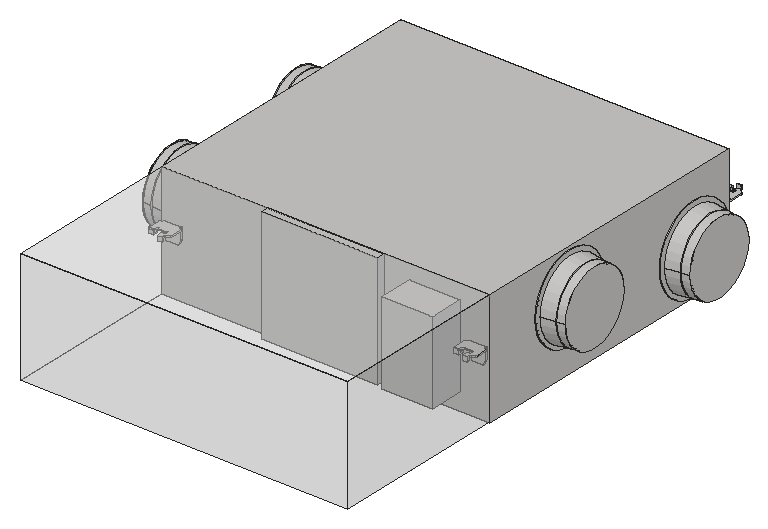
Revit family "outputfile", category 機械設備, Revit 2024
Family settings
  丸型コネクタ寸法 = 半径を使用
  パーツ タイプ = 標準
  OmniClass 番号 = 23.75.10.34.21
  OmniClass タイトル = Heat Exchangers for Ventilation Air
  作業面ベース = いいえ
  常に垂直 = はい
  ロード時にボイドで切り取り = いいえ
  注釈の向きを維持 = いいえ
  共有 = いいえ
  部屋計算ポイント = はい
Parameters (values of type "VAM1000HVE")
  Description = ""
  製造元 = "Daikin"
  書き出し IFC クラス(タイプ) = "IfcAirToAirHeatRecoveryType"
  定義済み IFC タイプ(タイプ) = "ROTARYWHEEL"
  Cost = 0
  モデル = "VAM1000HVE"
  Type Comments = ""
  Keynote = ""
  Type Image = (empty or 0)
  Assembly Code = ""
  w_maintenacecover = 395.0 mm
  r3_airconnection_top = 123.0 mm
  r2_airconnection_top = 123.0 mm
  r1_airconnection_top = 125.0 mm
  r1_airconnection_bottom = 131.5 mm
  r0_airconnection = 146.0 mm
  lw_powersuply = 186.0 mm
  Voltage_comment_60Hz = "220-240"
  Voltage_comment_50Hz = "220-240"
  Voltage_60Hz = 220 V
  Voltage_50Hz = 220 V
  URL = ""
  Phase_60Hz = 1
  Phase_50Hz = 1
  Minimum External Static Pressure = 115.00 Pa
  Minimum Circuit Amps_60Hz = 5.05 A
  Minimum Circuit Amps_50Hz = 5.05 A
  Maximum Fuse Amps_60Hz = 15.0 A
  Maximum Fuse Amps_50Hz = 15.0 A
  Maximum External Static Pressure = 225.00 Pa
  Material_Casing = DAIKIN_GalvanizedSteel_Casing_indoorunit
  lw_mountinghole_Left = 517.0 mm
  lw_mountinghole = 1034.0 mm
  w_controlbox_right = 101.0 mm
  w_controlbox = 170.0 mm
  r_SAduct = SA Duct Size Diameter / 2  # 125.0 mm
  r_RAduct = RA Duct Size Diameter / 2  # 125.0 mm
  r_OAduct = OA Duct Size Diameter / 2  # 125.0 mm
  r_EAduct = EA Duct Size Diameter / 2  # 125.0 mm
  lh_powersuply = 198.5 mm
  lh_mounting = lh_mountinghole + [h***]  # 227.0 mm
  h_controlbox_top = 49.0 mm
  lh_antena = Height - lh_mountinghole + 1.0 mm  # 161.0 mm
  lh_SA = 235.0 mm
  lh_RA = 153.0 mm
  lh_OA = 235.0 mm
  lh_EA = 235.0 mm
  ld_SA = 333.0 mm
  ld_RA = 152.0 mm
  ld_OA = 152.0 mm
  ld_EA = 333.0 mm
  lh_mountinghole = 227.0 mm
  h_controlbox = 279.0 mm
  h*** = 0.0 mm  # constant formula
  d_total_airconnection = d1_airconnection + d2_airconnection + d3_airconnection  # 89.0 mm
  d_maintenacecover = 26.0 mm
  ld_mountinghole = 1112.0 mm
  d_controlbox = 117.0 mm
  d3_airconnection = 1.0 mm
  d2_airconnection = 30.0 mm
  d1_airconnection = 58.0 mm
  d0_airconnection = 6.5 mm
  Width = 1110.0 mm
  Version = "ver.1.0"
  Unit Type = "Heat Recovery Ventilator"
  Unit Mass Weight = 63.00 kg
  Unit Designation [instance] = ""
  Uniclass2015Version = "Products v1.30"
  Uniclass2015Title = "Thermal wheels"
  Uniclass2015Code = "Pr_60_60_36_88"
  Temperature exchange efficiency (Heating) = 74.00%
  Temperature exchange efficiency (Cooling) = 58.00%
  Supply Air Direction [instance] = yes
  Sound Pressure Level_M speed (dBA) = 40
  Sound Pressure Level_L speed (dBA) = 38
  Sound Pressure Level_H speed (dBA) = 42
  Series = "VRV Fan Coil Unit"
  SA Duct Size Diameter = 250.0 mm
  Refrigerant Type = ""
  RA Duct Size Diameter = 250.0 mm
  Option Accessory 3 [instance] = ""
  Option Accessory 2 [instance] = ""
  Option Accessory 1 [instance] = ""
  OA Duct Size Diameter = 250.0 mm
  Nominal Airflow = 1000.00 m³/h
  Minimum Airflow = 300.00 m³/h
  Median Airflow = 0.00 m³/h
  Maximum Airflow = 1400.00 m³/h
  Load Classification = HVAC
  Link_Nested Family [instance] = ""
  IfcVersion = "0"
  IfcExportType = "ROTARYWHEEL"
  IfcExportAs = "IfcAirToAirHeatRecoveryType"
  Height = 387.0 mm
  Heating Entering Wet Bulb Temperature [instance] = 0.00 °C
  Heating Entering Dry Bulb Temperature [instance] = 0.00 °C
  Heating Ambient Wet Bulb Temperature [instance] = 0.00 °C
  Heating Ambient Dry Bulb Temperature [instance] = 0.00 °C
  Frequency_60Hz = 60 Hz
  Frequency_50Hz = 50 Hz
  Fan Type = "Sirocco Fan"
  Fan Drive = "Direct Drive"
  FCU Tag No. [instance] = ""
  Enthalpy exchange efficiency (Heating) = 68.50%
  Enthalpy exchange efficiency (Cooling) = 60.00%
  EA Duct Size Diameter = 250.0 mm
  Design Supply Airflow [instance] = 0.00 m³/h
  Design Return Airflow [instance] = 0.00 m³/h
  Design Outdoor Airflow [instance] = 0.00 m³/h
  Design External Static Pressure [instance] = 0.00 Pa
  Design Exhaust Airflow [instance] = 0.00 m³/h
  Depth = 1012.0 mm
  既定の高さ = 0.0 mm
  Cooling Entering Wet Bulb Temperature [instance] = 0.00 °C
  Cooling Entering Dry Bulb Temperature [instance] = 0.00 °C
  Cooling Ambient Wet Bulb Temperature [instance] = 0.00 °C
  Cooling Ambient Dry Bulb Temperature [instance] = 0.00 °C
  Clearance visibility [instance] = yes
  Clearance Top = 0.0 mm
  Clearance Right = 0.0 mm
  Clearance Rear = 0.0 mm
  Clearance Left = 0.0 mm
  Clearance Front = 600.0 mm
  Clearance Bottom = 0.0 mm
Reference planes
  plane 1 "Center (Front/Back)": y = 0
  plane 2: z = 0
  plane 3 "Center (Left/Right)": x = 0
  plane 4 "Back": y = 506
  plane 5 "Front": y = -506
  plane 6 "Left": x = -555
  plane 7 "Right": x = 555
  plane 8 "Top": z = 0
  plane 9 "mountinghole_Left": x = -517
  plane 10 "mountinghole_Right": x = 517
  plane 11 "mountinghole_Back": y = 556
  plane 12 "mountinghole_Front": y = -556
  plane 13 "Center (Elevation)": z = -193.5
  plane 14 "h_mountinghole": z = -160
  plane 15 "w_maintenacecover_left": x = -197.5
  plane 16 "w_maintenacecover_right": x = 197.5
  plane 17 "Clearance Front": y = -1106
  plane 18 "Clearance Left": x = -555
  plane 19 "Clearance Right": x = 555
  plane 20 "Clearance Rear": y = 506
  plane 21 "Clearance Top": z = 0
  plane 22 "Clearance Bottom": z = -387
  plane 23 "d_maintenacecover": y = -532
  plane 24 "d_controlbox": y = -623
  plane 25 "w_controlbox_left": x = 284
  plane 26 "w_controlbox_right": x = 454
  plane 27 "Bottom": z = -387
  plane 28 "h_controlbox_top": z = -49
  plane 29 "h_controlbox_bottom": z = -328
  plane 30 "lh_OA": z = -152
  plane 31 "lh_EA": z = -152
  plane 32 "lh_SA": z = -152
  plane 33 "lh_RA": z = -234
  plane 34 "ld_EA": y = 173
  plane 35 "ld_OA": y = -354
  plane 36 "ld_RA": y = 354
  plane 37 "ld_SA": y = -173
  plane 38 "lw_powersuply": x = 369
  plane 39: z = 59.955
  plane 40 "lh_powersuply": z = -188.5
Forms (mm)
  Extrusion 1, solid, material "DAIKIN_GalvanizedSteel_Casing_indoorunit" <- "Material_Casing"
    sketch origin (0, 0, 200) x (1, 0, 0) y (0, 1, 0)
      loop
        line (-555, 506) -> (-555, -506) -> (555, -506) -> (555, 506) -> (-555, 506)
    from -587 to -200
  Extrusion 2, solid, material "DAIKIN_GalvanizedSteel_Casing_indoorunit" <- "Material_Casing"
    sketch origin (0, 0, 0) x (1, 0, 0) y (0, 1, 0)
      loop
        line (-197.5, -506) -> (-197.5, -532) -> (197.5, -532) -> (197.5, -506) -> (-197.5, -506)
    from -387 to 0
  Extrusion 3, solid, material "DAIKIN_GalvanizedSteel_Casing_indoorunit" <- "Material_Casing"
    sketch origin (0, 0, 0) x (1, 0, 0) y (0, 1, 0)
      loop
        line (284, -506) -> (284, -623) -> (454, -623) -> (454, -506) -> (284, -506)
    from -328 to -49
Dimensions and locks
  equal spacing: plane 6 "Left", plane 3 "Center (Left/Right)", plane 7 "Right"
  "Width": plane 6 "Left" to plane 7 "Right"
  equal spacing: plane 4 "Back", plane 1 "Center (Front/Back)", plane 5 "Front"
  "Depth": plane 4 "Back" to plane 5 "Front"
  "lw_mountinghole": plane 9 "mountinghole_Left" to plane 10 "mountinghole_Right"
  equal spacing: plane 11 "mountinghole_Back", plane 1 "Center (Front/Back)", plane 12 "mountinghole_Front"
  "ld_mountinghole": plane 11 "mountinghole_Back" to plane 12 "mountinghole_Front"
  "Clearance Front": plane 5 "Front" to plane 17 "Clearance Front"
  "Clearance Left": plane 18 "Clearance Left" to plane 6 "Left"
  "Clearance Right": plane 7 "Right" to plane 19 "Clearance Right"
  "Clearance Rear": plane 4 "Back" to plane 20 "Clearance Rear"
  "w_controlbox_right": plane 26 "w_controlbox_right" to plane 7 "Right"
  "w_controlbox": plane 25 "w_controlbox_left" to plane 26 "w_controlbox_right"
  equal spacing: plane 15 "w_maintenacecover_left", plane 3 "Center (Left/Right)", plane 16 "w_maintenacecover_right"
  "w_maintenacecover": plane 15 "w_maintenacecover_left" to plane 16 "w_maintenacecover_right"
  "lh_mountinghole": plane 14 "h_mountinghole" to plane 27 "Bottom"
  "Height": plane 8 "Top" to plane 27 "Bottom"
  equal spacing: plane 8 "Top", plane 13 "Center (Elevation)", plane 27 "Bottom"
  "Clearance Top": plane 21 "Clearance Top" to plane 8 "Top"
  "Clearance Bottom": plane 27 "Bottom" to plane 22 "Clearance Bottom"
  "h_controlbox": plane 28 "h_controlbox_top" to plane 29 "h_controlbox_bottom"
  "d_controlbox": plane 5 "Front" to plane 24 "d_controlbox"
  "d_maintenacecover": plane 5 "Front" to plane 23 "d_maintenacecover"
  "lh_SA": plane 32 "lh_SA" to plane 27 "Bottom"
  "lh_RA": plane 33 "lh_RA" to plane 27 "Bottom"
  "ld_OA": plane 35 "ld_OA" to plane 5 "Front"
  "ld_EA": plane 4 "Back" to plane 34 "ld_EA"
  "ld_RA": plane 4 "Back" to plane 36 "ld_RA"
  "ld_SA": plane 37 "ld_SA" to plane 5 "Front"
  "lh_EA": plane 31 "lh_EA" to plane 27 "Bottom"
  "lh_OA": plane 30 "lh_OA" to plane 27 "Bottom"
  "h_controlbox_top": plane 8 "Top" to plane 28 "h_controlbox_top"
  "lw_mountinghole_Left": plane 9 "mountinghole_Left" to plane 3 "Center (Left/Right)"
  plane 3 "Center (Left/Right)" to plane 10 "mountinghole_Right" = 517.0 mm
  "lw_powersuply": plane 38 "lw_powersuply" to plane 7 "Right"
  "lh_powersuply": plane 40 "lh_powersuply" to plane 27 "Bottom"
  aligned and locked: level to plane 2
  aligned and locked: Extrusion 1 sketch curve to plane 4 "Back"
  aligned and locked: plane 6 "Left" to Extrusion 1 sketch curve
  aligned and locked: plane 5 "Front" to Extrusion 1 sketch curve
  aligned and locked: Extrusion 1 sketch curve to plane 7 "Right"
  aligned and locked: plane 8 "Top" to Extrusion 1
  aligned and locked: nested 1 to plane 10 "mountinghole_Right"
  aligned and locked: nested 1 to plane 5 "Front"
  aligned and locked: nested 2 to plane 9 "mountinghole_Left"
  aligned and locked: nested 2 to plane 5 "Front"
  aligned and locked: plane 4 "Back" to nested 3
  aligned and locked: plane 10 "mountinghole_Right" to nested 3
  aligned and locked: nested 4 to plane 9 "mountinghole_Left"
  aligned and locked: plane 4 "Back" to nested 4
  aligned and locked: nested 6 to plane 10 "mountinghole_Right"
  aligned and locked: nested 6 to plane 11 "mountinghole_Back"
  aligned and locked: plane 9 "mountinghole_Left" to nested 7
  aligned and locked: nested 7 to plane 11 "mountinghole_Back"
  aligned and locked: nested 8 to plane 9 "mountinghole_Left"
  aligned and locked: plane 12 "mountinghole_Front" to nested 8
  aligned and locked: plane 12 "mountinghole_Front" to nested 9
  aligned and locked: nested 9 to plane 10 "mountinghole_Right"
  aligned and locked: plane 14 "h_mountinghole" to nested 3
  aligned and locked: plane 14 "h_mountinghole" to nested 1
  aligned and locked: plane 14 "h_mountinghole" to nested 4
  aligned and locked: plane 14 "h_mountinghole" to nested 2
  aligned and locked: nested 5 to plane 17 "Clearance Front"
  aligned and locked: nested 5 to plane 18 "Clearance Left"
  aligned and locked: nested 5 to plane 19 "Clearance Right"
  aligned and locked: nested 5 to plane 20 "Clearance Rear"
  aligned and locked: nested 5 to plane 22 "Clearance Bottom"
  aligned and locked: nested 5 to plane 21 "Clearance Top"
  aligned and locked: plane 27 "Bottom" to Extrusion 1
  aligned and locked: plane 23 "d_maintenacecover" to Extrusion 2 sketch curve
  aligned and locked: plane 16 "w_maintenacecover_right" to Extrusion 2 sketch curve
  aligned and locked: plane 15 "w_maintenacecover_left" to Extrusion 2 sketch curve
  aligned and locked: Extrusion 2 sketch curve to plane 5 "Front"
  aligned and locked: plane 8 "Top" to Extrusion 2
  aligned and locked: Extrusion 2 to plane 27 "Bottom"
  aligned and locked: plane 24 "d_controlbox" to Extrusion 3 sketch curve
  aligned and locked: plane 25 "w_controlbox_left" to Extrusion 3 sketch curve
  aligned and locked: Extrusion 3 sketch curve to plane 5 "Front"
  aligned and locked: Extrusion 3 sketch curve to plane 26 "w_controlbox_right"
  aligned and locked: plane 28 "h_controlbox_top" to Extrusion 3
  aligned and locked: plane 29 "h_controlbox_bottom" to Extrusion 3
  aligned and locked: nested 10 to plane 34 "ld_EA"
  aligned and locked: nested 10 to plane 6 "Left"
  aligned and locked: nested 11 to plane 35 "ld_OA"
  aligned and locked: nested 11 to plane 6 "Left"
  aligned and locked: plane 36 "ld_RA" to nested 12
  aligned and locked: plane 7 "Right" to nested 12
  aligned and locked: plane 37 "ld_SA" to nested 13
  aligned and locked: plane 7 "Right" to nested 13
  aligned and locked: plane 32 "lh_SA" to nested 13
  aligned and locked: plane 33 "lh_RA" to nested 12
  aligned and locked: plane 30 "lh_OA" to nested 11
  aligned and locked: plane 31 "lh_EA" to nested 10
  aligned and locked: plane 37 "ld_SA" to nested 15
  aligned and locked: plane 7 "Right" to nested 15
  aligned and locked: plane 36 "ld_RA" to nested 16
  aligned and locked: plane 7 "Right" to nested 16
  aligned and locked: nested 18 to plane 34 "ld_EA"
  aligned and locked: nested 17 to plane 35 "ld_OA"
  aligned and locked: nested 18 to plane 6 "Left"
  aligned and locked: nested 17 to plane 6 "Left"
  aligned and locked: plane 31 "lh_EA" to nested 17
  aligned and locked: nested 18 to plane 31 "lh_EA"
  aligned and locked: nested 16 to plane 33 "lh_RA"
  aligned and locked: nested 15 to plane 32 "lh_SA"
  aligned and locked: plane 37 "ld_SA" to nested 14
  aligned and locked: nested 19 to plane 38 "lw_powersuply"
  aligned and locked: nested 19 to plane 5 "Front"
  aligned and locked: plane 40 "lh_powersuply" to nested 19
  aligned and locked: level to plane 8 "Top"
Nested families
  nested 1: "daikin_hangerfixture_VAM-HVE_150-1000" at (517, -506, -160), type "daikin_hangerfixture_VAM-HVE_150-1000"
  nested 2: "daikin_hangerfixture_VAM-HVE_150-1000" at (-517, -506, -160), type "daikin_hangerfixture_VAM-HVE_150-1000"
  nested 3: "daikin_hangerfixture_VAM-HVE_150-1000" at (517, 506, -160) x (-1, 0, 0) z (0, 0, 1), type "daikin_hangerfixture_VAM-HVE_150-1000"
  nested 4: "daikin_hangerfixture_VAM-HVE_150-1000" at (-517, 506, -160) x (-1, 0, 0) z (0, 0, 1), type "daikin_hangerfixture_VAM-HVE_150-1000"
  nested 5: "daikin_clearancespace" at (0, -300, -193.381), visible <- "Clearance visibility", show <- "Clearance visibility", Link_Nested Family <- "Link_Nested Family", type "daikin_clearancespace"
    with width 1110.0 mm, show yes, height 387.0 mm, depth 1612.0 mm, Link_Nested Family ""
  nested 6: "daikin_mountinghole" at (517, 556, -387), l_antenna <- "lh_antena", Link_Nested Family <- "Link_Nested Family", h_mountinghole <- "lh_mounting", type "daikin_mountinghole"
    with show yes, l_antenna 161.0 mm, h_mountinghole 227.0 mm, Link_Nested Family ""
  nested 7: "daikin_mountinghole" at (-517, 556, -387), l_antenna <- "lh_antena", Link_Nested Family <- "Link_Nested Family", h_mountinghole <- "lh_mounting", type "daikin_mountinghole"
    with show yes, l_antenna 161.0 mm, h_mountinghole 227.0 mm, Link_Nested Family ""
  nested 8: "daikin_mountinghole" at (-517, -556, -387), l_antenna <- "lh_antena", Link_Nested Family <- "Link_Nested Family", h_mountinghole <- "lh_mounting", type "daikin_mountinghole"
    with show yes, l_antenna 161.0 mm, h_mountinghole 227.0 mm, Link_Nested Family ""
  nested 9: "daikin_mountinghole" at (517, -556, -387), l_antenna <- "lh_antena", Link_Nested Family <- "Link_Nested Family", h_mountinghole <- "lh_mounting", type "daikin_mountinghole"
    with show yes, l_antenna 161.0 mm, h_mountinghole 227.0 mm, Link_Nested Family ""
  nested 10: "daikin_airconnection_VAM-HVE_150-1000" at (-555, 173, -152) x (0, -1, 0) z (0, 0, 1), d0 <- "d0_airconnection", d1 <- "d1_airconnection", d2 <- "d2_airconnection", d3 <- "d3_airconnection", r0 <- "r0_airconnection", r1_bottom <- "r1_airconnection_bottom", r1_top <- "r1_airconnection_top", r2_top <- "r2_airconnection_top", r3_top <- "r3_airconnection_top", type "daikin_airconnection_VAM-HVE_150-1000"
    with r3_top 123.0 mm, r3_bottom 123.0 mm, r2_top 123.0 mm, r2_bottom 125.0 mm, r1_top 125.0 mm, r1_bottom 131.5 mm, r0 146.0 mm, d_total 89.0 mm, d3 1.0 mm, d2 30.0 mm, d1 58.0 mm, d0 6.5 mm
  nested 11: "daikin_airconnection_VAM-HVE_150-1000" at (-555, -354, -152) x (0, -1, 0) z (0, 0, 1), d0 <- "d0_airconnection", d1 <- "d1_airconnection", d2 <- "d2_airconnection", d3 <- "d3_airconnection", r0 <- "r0_airconnection", r1_bottom <- "r1_airconnection_bottom", r1_top <- "r1_airconnection_top", r2_top <- "r2_airconnection_top", r3_top <- "r3_airconnection_top", type "daikin_airconnection_VAM-HVE_150-1000"
    with r3_top 123.0 mm, r3_bottom 123.0 mm, r2_top 123.0 mm, r2_bottom 125.0 mm, r1_top 125.0 mm, r1_bottom 131.5 mm, r0 146.0 mm, d_total 89.0 mm, d3 1.0 mm, d2 30.0 mm, d1 58.0 mm, d0 6.5 mm
  nested 12: "daikin_airconnection_VAM-HVE_150-1000" at (555, 354, -234) x (0, 1, 0) z (0, 0, 1), d0 <- "d0_airconnection", d1 <- "d1_airconnection", d2 <- "d2_airconnection", d3 <- "d3_airconnection", r0 <- "r0_airconnection", r1_bottom <- "r1_airconnection_bottom", r1_top <- "r1_airconnection_top", r2_top <- "r2_airconnection_top", r3_top <- "r3_airconnection_top", type "daikin_airconnection_VAM-HVE_150-1000"
    with r3_top 123.0 mm, r3_bottom 123.0 mm, r2_top 123.0 mm, r2_bottom 125.0 mm, r1_top 125.0 mm, r1_bottom 131.5 mm, r0 146.0 mm, d_total 89.0 mm, d3 1.0 mm, d2 30.0 mm, d1 58.0 mm, d0 6.5 mm
  nested 13: "daikin_airconnection_VAM-HVE_150-1000" at (555, -173, -152) x (0, 1, 0) z (0, 0, 1), d0 <- "d0_airconnection", d1 <- "d1_airconnection", d2 <- "d2_airconnection", d3 <- "d3_airconnection", r0 <- "r0_airconnection", r1_bottom <- "r1_airconnection_bottom", r1_top <- "r1_airconnection_top", r2_top <- "r2_airconnection_top", r3_top <- "r3_airconnection_top", type "daikin_airconnection_VAM-HVE_150-1000"
    with r3_top 123.0 mm, r3_bottom 123.0 mm, r2_top 123.0 mm, r2_bottom 125.0 mm, r1_top 125.0 mm, r1_bottom 131.5 mm, r0 146.0 mm, d_total 89.0 mm, d3 1.0 mm, d2 30.0 mm, d1 58.0 mm, d0 6.5 mm
  nested 14: "daikin_△_symbolicline" at (0, -173, 387) x (0, 1, 0) z (0, 0, 1), built-in parameter 1001360 <- "Height", visible <- "Supply Air Direction", type "daikin_△_symbolicline"
    with length 300.0 mm
  nested 15: "daikin_connector_rotate2" at (555, -173, -152) x (0, 1, 0) z (0, 0, 1), length <- "d_total_airconnection", radius <- "r_SAduct", type "daikin_connector_rotate2"
    with radius 125.0 mm, length 89.0 mm, angle_vertical 90.00°, show_face no
  nested 16: "daikin_connector_rotate2" at (555, 354, -234) x (0, 1, 0) z (0, 0, 1), length <- "d_total_airconnection", radius <- "r_RAduct", type "daikin_connector_rotate2"
    with radius 125.0 mm, length 89.0 mm, angle_vertical 90.00°, show_face no
  nested 17: "daikin_connector_rotate2" at (-555, -354, -152) x (0, -1, 0) z (0, 0, 1), length <- "d_total_airconnection", radius <- "r_OAduct", type "daikin_connector_rotate2"
    with radius 125.0 mm, length 89.0 mm, angle_vertical 90.00°, show_face no
  nested 18: "daikin_connector_rotate2" at (-555, 173, -152) x (0, -1, 0) z (0, 0, 1), length <- "d_total_airconnection", radius <- "r_EAduct", type "daikin_connector_rotate2"
    with radius 125.0 mm, length 89.0 mm, angle_vertical 90.00°, show_face no
  nested 19: "daikin_connector_rotate2" at (369, -506, -188.5), length <- "d_controlbox", type "daikin_connector_rotate2"
    with radius 10.0 mm, length 117.0 mm, angle_vertical 90.00°, show_face no
Connectors
  hvac at (-644, 173, -152), driven by "r_EAduct"
    settings: on nested 18, index 1, duct flow 0.00 m³/h, flow factor 0, pres drop 0.00 Pa, loss coef 0, conn angle 0.00°, conn width 304.8 mm, conn height 304.8 mm, conn diameter 250.0 mm, duct sys type 3, conn prof type 0, flow config 0, flow direction 2, loss method 4, conn ref index -1, conn util no, is conn primary no, conn desc "EA Duct"
  hvac at (-644, -354, -152), driven by "r_OAduct"
    settings: on nested 17, index 2, duct flow 0.00 m³/h, flow factor 0, pres drop 0.00 Pa, loss coef 0, conn angle 0.00°, conn width 304.8 mm, conn height 304.8 mm, conn diameter 250.0 mm, duct sys type 1, conn prof type 0, flow config 0, flow direction 1, loss method 4, conn ref index -1, conn util no, is conn primary no, conn desc "OA Duct"
  hvac at (644, 354, -234), driven by "r_RAduct"
    settings: on nested 16, index 3, duct flow 0.00 m³/h, flow factor 0, pres drop 0.00 Pa, loss coef 0, conn angle 0.00°, conn width 304.8 mm, conn height 304.8 mm, conn diameter 250.0 mm, duct sys type 2, conn prof type 0, flow config 0, flow direction 1, loss method 4, conn ref index -1, conn util no, is conn primary no, conn desc "RA Duct"
  hvac at (644, -173, -152), driven by "r_SAduct"
    settings: on nested 15, index 4, duct flow 0.00 m³/h, flow factor 0, pres drop 0.00 Pa, loss coef 0, conn angle 0.00°, conn width 304.8 mm, conn height 304.8 mm, conn diameter 250.0 mm, duct sys type 1, conn prof type 0, flow config 0, flow direction 2, loss method 4, conn ref index -1, conn util no, is conn primary yes, conn desc "SA Duct"
  electrical at (369, -623, -188.5), driven by "Load Classification"
    settings: on nested 19, index 6, voltage 0 V, apparent load 0 VA, apparent load phase1 0 VA, apparent load phase2 0 VA, apparent load phase3 0 VA, power factor 1, load classification "HVAC", number of poles 1, system type 30, power factor state 1, is connector primary yes, connector utility no, sub classification motor no, connector description "Power Supply"
Definition of nested family "daikin_hangerfixture_VAM-HVE_150-1000"
  Parameters (values of type "daikin_hangerfixture_VAM")
    width = 76.0 mm
    material = none
    height = 0.0 mm
    depth = 75.0 mm
    Default Elevation = 0.0 mm
  Reference planes
    plane 1 "Center (Front/Back)": y = 0
    plane 2: z = 0
    plane 3 "Center (Left/Right)": x = 0
    plane 4: y = -75
    plane 5: x = -38
    plane 6: x = 38
    plane 7: z = -3.2
    plane 8: z = -57
    plane 9: x = -28
    plane 10: x = 28
    plane 11: y = -3.2
    plane 12: z = 11.8
    plane 13: z = -15
    plane 14: y = -71.8
    plane 15: y = -50
  Forms (mm)
    Extrusion 1, solid, material <- "material"
      sketch origin (0, 0, 0) x (1, 0, 0) y (0, 1, 0)
        loop
          line (-28, 0) -> (-28, -5)
          arc (-28, -5) -> (-29.464, -8.536) -> (-33, -10) r 5
          arc (-33, -10) -> (-36.536, -11.464) -> (-38, -15) r 5
          line (-38, -15) -> (-38, -52.597)
          arc (-38, -52.597) -> (-37.507, -54.763) -> (-36.123, -56.501) r 5
          line (-36.123, -56.501) -> (-24.877, -65.499)
          arc (-24.877, -65.499) -> (-23.493, -67.237) -> (-23, -69.403) r 5
          line (-23, -69.403) -> (-23, -75) -> (-7, -75) -> (-7, -60)
          arc (-7, -60) -> (-7.879, -57.879) -> (-10, -57) r 3
          line (-10, -57) -> (-13, -57)
          arc (-13, -57) -> (-20, -50) -> (-13, -43) r 7
          line (-13, -43) -> (13, -43)
          arc (13, -43) -> (20, -50) -> (13, -57) r 7
          line (13, -57) -> (10, -57)
          arc (10, -57) -> (7.879, -57.879) -> (7, -60) r 3
          line (7, -60) -> (7, -75) -> (23, -75) -> (23, -69.403)
          arc (23, -69.403) -> (23.493, -67.237) -> (24.877, -65.499) r 5
          line (24.877, -65.499) -> (36.123, -56.501)
          arc (36.123, -56.501) -> (37.507, -54.763) -> (38, -52.597) r 5
          line (38, -52.597) -> (38, -15)
          arc (38, -15) -> (36.536, -11.464) -> (33, -10) r 5
          arc (33, -10) -> (29.464, -8.536) -> (28, -5) r 5
          line (28, -5) -> (28, 0) -> (-28, 0)
      from 0 to -3.2
    Extrusion 2, solid, material <- "material"
      sketch origin (0, 0, 0) x (1, 0, 0) y (0, 0, 1)
        loop
          line (28, 0) -> (-28, 0) -> (-28, -38.882)
          arc (-28, -38.882) -> (-27.88, -39.973) -> (-27.524, -41.011) r 5
          line (-27.524, -41.011) -> (-21.351, -54.129)
          arc (-21.351, -54.129) -> (-19.506, -56.222) -> (-16.827, -57) r 5
          line (-16.827, -57) -> (16.827, -57)
          arc (16.827, -57) -> (19.506, -56.222) -> (21.351, -54.129) r 5
          line (21.351, -54.129) -> (27.524, -41.011)
          arc (27.524, -41.011) -> (27.88, -39.973) -> (28, -38.882) r 5
          line (28, -38.882) -> (28, 0)
      from 0 to 3.2
    Extrusion 3, solid, material <- "material"
      sketch origin (0, 0, 0) x (1, 0, 0) y (0, 0, 1)
        loop
          line (-23, -3.2) -> (-7, -3.2) -> (-7, 8.8)
          arc (-7, 8.8) -> (-7.879, 10.921) -> (-10, 11.8) r 3
          line (-10, 11.8) -> (-20, 11.8)
          arc (-20, 11.8) -> (-22.121, 10.921) -> (-23, 8.8) r 3
          line (-23, 8.8) -> (-23, -3.2)
        loop
          line (7, 0) -> (7, -12)
          arc (7, -12) -> (7.879, -14.121) -> (10, -15) r 3
          line (10, -15) -> (20, -15)
          arc (20, -15) -> (22.121, -14.121) -> (23, -12) r 3
          line (23, -12) -> (23, 0) -> (7, 0)
      from 71.8 to 75
  Cuts and joins
    joined: Extrusion 1, Extrusion 2, Extrusion 3
  Dimensions and locks
    "depth": plane 4 to plane 1 "Center (Front/Back)"
    equal spacing: plane 5, plane 3 "Center (Left/Right)", plane 6
    "width": plane 5 to plane 6
    plane 2 to plane 7 = 3.2 mm
    locked: plane 2 to plane 8 at 57
    locked: plane 9 to plane 10 at 56
    equal spacing: plane 9, plane 3 "Center (Left/Right)", plane 10
    locked: plane 11 to plane 1 "Center (Front/Back)" at 3.2
    locked: plane 12 to plane 7 at 15
    locked: plane 2 to plane 13 at 15
    plane 14 to plane 4 = 3.2 mm
    aligned and locked: level to plane 2
    aligned and locked: plane 1 "Center (Front/Back)" to Extrusion 1 sketch curve
    aligned and locked: plane 4 to Extrusion 1 sketch curve  (x2)
    aligned and locked: Extrusion 1 to plane 5
    aligned and locked: plane 6 to Extrusion 1
    aligned and locked: Extrusion 1 to plane 7
    aligned and locked: Extrusion 2 sketch curve to plane 2
    aligned and locked: Extrusion 2 to plane 8
    aligned and locked: plane 9 to Extrusion 2
    aligned and locked: Extrusion 2 to plane 10
    aligned and locked: Extrusion 2 to plane 1 "Center (Front/Back)"
    aligned and locked: Extrusion 2 to plane 11
    aligned and locked: Extrusion 3 sketch curve to plane 7
    aligned and locked: Extrusion 3 sketch curve to plane 2
    aligned and locked: Extrusion 3 to plane 12
    aligned and locked: Extrusion 3 to plane 13
    aligned and locked: Extrusion 3 to plane 4
    aligned and locked: plane 14 to Extrusion 3
  Automatic sketch dimensions
    plane 3 "Center (Left/Right)" to Extrusion 1 sketch curve = 28.0 mm
    plane 1 "Center (Front/Back)" to Extrusion 1 sketch curve = 5.0 mm
    Extrusion 1 sketch curve to Extrusion 1 sketch curve = 5.0 mm  (x8)
    plane 4 to Extrusion 1 sketch curve = 22.403 mm
    Extrusion 1 sketch curve to Extrusion 1 sketch curve = 1.877 mm  (x2)
    plane 4 to Extrusion 1 sketch curve = 9.501 mm
    Extrusion 1 sketch curve to Extrusion 1 sketch curve = 11.247 mm  (x2)
    Extrusion 1 sketch curve to Extrusion 1 sketch curve = 3.123 mm  (x2)
    Extrusion 1 sketch curve to Extrusion 1 sketch curve = 3.904 mm  (x2)
    plane 3 "Center (Left/Right)" to Extrusion 1 sketch curve = 7.0 mm
    plane 4 to Extrusion 1 sketch curve = 15.0 mm
    Extrusion 1 sketch curve to Extrusion 1 sketch curve = 3.0 mm  (x4)
    Extrusion 1 sketch curve to Extrusion 1 sketch curve = 7.0 mm  (x2)
    Extrusion 1 sketch curve to plane 3 "Center (Left/Right)" = 13.0 mm
    Extrusion 1 sketch curve to Extrusion 1 sketch curve = 16.0 mm
    plane 4 to Extrusion 1 sketch curve = 5.597 mm
    Extrusion 1 sketch curve to Extrusion 1 sketch curve = 8.998 mm
    plane 1 "Center (Front/Back)" to Extrusion 1 sketch curve = 15.0 mm
    plane 5 to Extrusion 2 sketch curve = 10.0 mm
    Extrusion 2 sketch curve to Extrusion 2 sketch curve = 0.476 mm  (x2)
    Extrusion 2 sketch curve to Extrusion 2 sketch curve = 4.524 mm  (x4)
    Extrusion 2 sketch curve to Extrusion 2 sketch curve = 6.173 mm  (x2)
    plane 3 "Center (Left/Right)" to Extrusion 2 sketch curve = 16.827 mm
    Extrusion 2 sketch curve to plane 7 = 35.682 mm  (x2)
    Extrusion 2 sketch curve to Extrusion 2 sketch curve = 13.118 mm  (x2)
    Extrusion 2 sketch curve to Extrusion 2 sketch curve = 2.129 mm
    Extrusion 3 sketch curve to plane 9 = 5.0 mm
    Extrusion 3 sketch curve to Extrusion 3 sketch curve = 3.0 mm  (x4)
    Extrusion 3 sketch curve to Extrusion 3 sketch curve = 10.0 mm
    plane 3 "Center (Left/Right)" to Extrusion 3 sketch curve = 7.0 mm
    plane 10 to Extrusion 3 sketch curve = 8.0 mm
    Extrusion 3 sketch curve to plane 7 = 8.8 mm
    level to Extrusion 3 sketch curve = 8.8 mm
Definition of nested family "daikin_clearancespace"
  Parameters (values of type "daikin_clearancespace")
    width [instance] = 1823.963 mm
    show [instance] = yes
    material = none
    height [instance] = 1359.762 mm
    depth [instance] = 880.0 mm
    Default Elevation = 0.0 mm
    Link_Nested Family [instance] = ""
  Reference planes
    plane 1 "Center (Front/Back)": y = 0
    plane 2 "Center (Elevation)": z = -0.119
    plane 3 "Center (Left/Right)": x = 0
    plane 4: y = 440
    plane 5: y = -440
    plane 6 "Right": x = 911.982
    plane 7 "Left": x = -911.982
    plane 8 "Top": z = 679.762
    plane 9 "Bottom": z = -680
  Forms (mm)
    Extrusion 1, solid, material <- "material", visible <- "show"
      sketch origin (0, 0, 0) x (1, 0, 0) y (0, 1, 0)
        loop
          line (-911.982, 440) -> (-911.982, -440) -> (911.982, -440) -> (911.982, 440) -> (-911.982, 440)
      from -680 to 679.762
  Lines and regions (mm)
    symbolic lines, visible <- "show"
      curve 1: line (911.982, 440, 0) -> (-911.982, 440, 0)
      curve 2: line (-911.982, 440, 0) -> (-911.982, -440, 0)
      curve 3: line (-911.982, -440, 0) -> (911.982, -440, 0)
      curve 4: line (911.982, -440, 0) -> (911.982, 440, 0)
      curve 5: line (911.982, 0, 679.762) -> (-911.982, 0, 679.762)
      curve 6: line (911.982, 0, -680) -> (911.982, 0, 679.762)
      curve 7: line (-911.982, 0, -680) -> (911.982, 0, -680)
      curve 8: line (-911.982, 0, 679.762) -> (-911.982, 0, -680)
      curve 9: line (0, 440, 679.762) -> (0, -440, 679.762)
      curve 10: line (0, -440, 679.762) -> (0, -440, -680)
      curve 11: line (0, 440, -680) -> (0, 440, 679.762)
      curve 12: line (0, -440, -680) -> (0, 440, -680)
  Dimensions and locks
    "width": plane 7 "Left" to plane 6 "Right"
    "depth": plane 4 to plane 5
    "height": plane 8 "Top" to plane 9 "Bottom"
    equal spacing: plane 7 "Left", plane 3 "Center (Left/Right)", plane 6 "Right"
    equal spacing: plane 4, plane 1 "Center (Front/Back)", plane 5
    equal spacing: plane 8 "Top", plane 2 "Center (Elevation)", plane 9 "Bottom"
    aligned and locked: level to plane 2 "Center (Elevation)"
    aligned and locked: Extrusion 1 sketch curve to plane 4
    aligned and locked: plane 7 "Left" to Extrusion 1 sketch curve
    aligned and locked: Extrusion 1 sketch curve to plane 5
    aligned and locked: Extrusion 1 sketch curve to plane 6 "Right"
    aligned and locked: plane 8 "Top" to Extrusion 1
    aligned and locked: curve 1 to Extrusion 1
    aligned and locked: curve 2 to Extrusion 1
    aligned and locked: curve 3 to Extrusion 1
    aligned and locked: curve 4 to Extrusion 1
    aligned and locked: curve 5 to Extrusion 1
    aligned and locked: curve 6 to Extrusion 1
    aligned and locked: curve 7 to Extrusion 1
    aligned and locked: curve 8 to Extrusion 1
    aligned and locked: curve 9 to Extrusion 1
    aligned and locked: curve 10 to Extrusion 1
    aligned and locked: curve 11 to Extrusion 1
    aligned and locked: curve 12 to Extrusion 1
    aligned and locked: Extrusion 1 to plane 9 "Bottom"
Definition of nested family "daikin_airconnection_VAM-HVE_150-1000"
  Parameters (values of type "daikin_airconnection_VAM")
    width = 0.0 mm
    r3_top [instance] = 48.5 mm
    r3_bottom [instance] = r2_top  # 53.1 mm
    r2_top [instance] = 53.1 mm
    r2_bottom [instance] = r1_top  # 100.0 mm
    r1_top [instance] = 100.0 mm
    r1_bottom [instance] = 107.1 mm
    r0 [instance] = 121.0 mm
    material = none
    height = 0.0 mm
    depth = 0.0 mm
    d_total [instance] = d3 + d2 + d1  # 145.0 mm
    d3 [instance] = 38.5 mm
    d2 [instance] = 46.5 mm
    d1 [instance] = 60.0 mm
    d0 [instance] = 1.8 mm
    Default Elevation = 0.0 mm
  Reference planes
    plane 1 "Center (Front/Back)": y = 0
    plane 2 "Center (Elevation)": z = 0
    plane 3 "Center (Left/Right)": x = 0
    plane 4 "d1": y = -60
    plane 5 "d2": y = -106.5
    plane 6 "d3": y = -145
    plane 7 "d0": y = -1.8
  Forms (mm)
    Blend 1, solid, material <- "material"
      base sketch origin (0, 0, 0) x (1, 0, 0) y (0, 0, 1)
        loop
          circle (0, 0) r 107.1
      top sketch origin (0, 0, 0) x (1, 0, 0) y (0, 0, 1)
        loop
          circle (0, 0) r 100
      from 1.8 to 60
    Blend 2, solid, material <- "material"
      base sketch origin (0, 0, 0) x (1, 0, 0) y (0, 0, 1)
        loop
          circle (0, 0) r 100
      top sketch origin (0, 0, 0) x (1, 0, 0) y (0, 0, 1)
        loop
          circle (0, 0) r 53.1
      from 60 to 106.5
    Blend 3, solid, material <- "material"
      base sketch origin (0, 0, 0) x (1, 0, 0) y (0, 0, 1)
        loop
          circle (0, 0) r 53.1
      top sketch origin (0, 0, 0) x (1, 0, 0) y (0, 0, 1)
        loop
          circle (0, 0) r 48.5
      from 106.5 to 145
    Extrusion 4, solid, material <- "material"
      sketch origin (0, 0, 0) x (1, 0, 0) y (0, 0, 1)
        loop
          circle (0, 0) r 121
      from 0 to 1.8
  Dimensions and locks
    "d1": plane 4 "d1" to plane 1 "Center (Front/Back)"
    "d2": plane 4 "d1" to plane 5 "d2"
    "d3": plane 5 "d2" to plane 6 "d3"
    "d0": plane 7 "d0" to plane 1 "Center (Front/Back)"
    "r1_bottom": radius of Blend 1 sketch curve
    "r1_top": radius of Blend 1 sketch curve
    "r2_bottom": radius of Blend 2 sketch curve
    "r2_top": radius of Blend 2 sketch curve
    "r3_bottom": radius of Blend 3 sketch curve
    "r3_top": radius of Blend 3 sketch curve
    "r0": radius of Extrusion 4 sketch curve
    aligned and locked: level to plane 2 "Center (Elevation)"
    aligned and locked: plane 2 "Center (Elevation)" to Blend 1 sketch curve  (x2)
    aligned and locked: plane 3 "Center (Left/Right)" to Blend 1 sketch curve  (x2)
    aligned and locked: Blend 1 to plane 4 "d1"
    aligned and locked: plane 2 "Center (Elevation)" to Blend 2 sketch curve  (x2)
    aligned and locked: plane 3 "Center (Left/Right)" to Blend 2 sketch curve  (x2)
    aligned and locked: plane 4 "d1" to Blend 2
    aligned and locked: Blend 2 to plane 5 "d2"
    aligned and locked: plane 3 "Center (Left/Right)" to Blend 3 sketch curve  (x2)
    aligned and locked: plane 2 "Center (Elevation)" to Blend 3 sketch curve  (x2)
    aligned and locked: plane 5 "d2" to Blend 3
    aligned and locked: Blend 3 to plane 6 "d3"
    aligned and locked: Extrusion 4 to plane 7 "d0"
    aligned and locked: plane 7 "d0" to Blend 1
  Automatic sketch dimensions
    Extrusion 4 sketch curve to level = 0.0 mm
    Extrusion 4 sketch curve to plane 3 "Center (Left/Right)" = 0.0 mm
Definition of nested family "daikin_mountinghole"
  Parameters (values of type "daikin_mountinghole")
    Default Elevation = 1219.2 mm
    Type Comments = "mountinghole"
    show [instance] = yes
    material = none
    l_centerline = 100.0 mm
    l_antenna [instance] = 100.0 mm
    h_mountinghole [instance] = 0.0 mm
    d_circle = 30.0 mm
    Link_Nested Family [instance] = ""
  Reference planes
    plane 1 "Center (Front/Back)": y = 0
    plane 2: z = 0
    plane 3 "Center (Left/Right)": x = 0
    plane 4: y = 50
    plane 5: x = -50
    plane 6: x = 50
    plane 7: y = -50
    plane 8 "h_mountinghole": z = 0
    plane 9: z = 100
  Lines and regions (mm)
    model lines, detail levels fine
      curve 1: circle (0, 0, 0) r 15 normal (0, 0, 1)
      curve 2: line (-50, 0, 0) -> (50, 0, 0)
      curve 3: line (0, 50, 0) -> (0, -50, 0)
    symbolic lines, detail levels fine
      curve 4: circle (0, 0, 0) r 15 normal (0, 0, 1)
      curve 5: line (-50, 0, 0) -> (50, 0, 0)
      curve 6: line (0, 50, 0) -> (0, -50, 0)
    model lines
      curve 7: line (0, 0, 100) -> (0, 0, 0)
  Dimensions and locks
    equal spacing: plane 4, plane 1 "Center (Front/Back)", plane 7
    "l_centerline": plane 4 to plane 7
    equal spacing: plane 5, plane 3 "Center (Left/Right)", plane 6
    "l_centerline": plane 5 to plane 6
    "l_antenna": plane 9 to plane 8 "h_mountinghole"
    "h_mountinghole": plane 8 "h_mountinghole" to plane 2
    "d_circle": diameter of curve 1
    "d_circle": diameter of curve 4
    aligned and locked: level to plane 2
    aligned and locked: plane 1 "Center (Front/Back)" to curve 1
    aligned and locked: plane 3 "Center (Left/Right)" to curve 1
    aligned and locked: plane 1 "Center (Front/Back)" to curve 2
    aligned and locked: curve 3 to plane 3 "Center (Left/Right)"
    aligned and locked: plane 6 to curve 2
    aligned and locked: plane 5 to curve 2
    aligned and locked: plane 4 to curve 3
    aligned and locked: plane 7 to curve 3
    aligned and locked: plane 1 "Center (Front/Back)" to curve 4
    aligned and locked: plane 3 "Center (Left/Right)" to curve 4
    aligned and locked: plane 6 to curve 5
    aligned and locked: plane 5 to curve 5
    aligned and locked: plane 1 "Center (Front/Back)" to curve 5
    aligned and locked: plane 4 to curve 6
    aligned and locked: plane 7 to curve 6
    aligned and locked: curve 6 to plane 3 "Center (Left/Right)"
    aligned and locked: curve 7 to plane 3 "Center (Left/Right)"
    aligned and locked: plane 9 to curve 7
    aligned and locked: plane 8 "h_mountinghole" to curve 7
Definition of nested family "daikin_△_symbolicline"
  Parameters (values of type "daikin_△_symbolicline")
    length [instance] = 500.0 mm
    Default Elevation = 0.0 mm
  Reference planes
    plane 1 "Center (Front/Back)": y = 0
    plane 2: z = 0
    plane 3 "Center (Left/Right)": x = 0
  Lines and regions (mm)
    symbolic lines
      curve 1: line (0, -433.013, 0) -> (250, 0, 0)
      curve 2: line (250, 0, 0) -> (-250, 0, 0)
      curve 3: line (-250, 0, 0) -> (0, -433.013, 0)
  Dimensions and locks
    equal spacing: curve 3, plane 3 "Center (Left/Right)", curve 2
    "length": curve 3 to curve 2
    "length": curve 3 to curve 3
    "length": curve 1 to curve 1
    aligned and locked: level to plane 2
    aligned and locked: curve 2 to plane 1 "Center (Front/Back)"
    aligned and locked: plane 3 "Center (Left/Right)" to curve 3
Definition of nested family "daikin_connector_rotate2"
  Parameters (values of type "daikin_connector_rotate2")
    show_face = yes
    radius [instance] = 10.0 mm
    length [instance] = 600.0 mm
    d_surface = 10.0 mm
    angle_vertical [instance] = 90.00°
    Default Elevation = 0.0 mm
  Reference planes
    plane 1 "Center (Front/Back)": y = 0
    plane 2: z = 0
    plane 3 "Center (Left/Right)": x = 0
  Forms (mm)
    Extrusion 1, solid, visible <- "show_face"
      sketch origin (0, -600, 0) x (1, 0, 0) y (0, 0, 1)
        loop
          circle (0, 0) r 10
      from 0 to -10
  Lines and regions (mm)
    reference lines
      curve 1: line (0, 0, 0) -> (0, -600, 0)
    symbolic lines
      curve 2: circle (0, 0, 0) r 5 normal (0, 0, 1)
    model lines, visible <- "show_face"
      curve 3: line (0, 0, 0) -> (0, -600, 0)
  Dimensions and locks
    "length": curve 1 to curve 1
    "length": curve 3 to curve 3
    "d_surface": Extrusion 1 to Extrusion 1
    "radius": radius of Extrusion 1 sketch curve
    "angle_vertical": angle curve 1 to plane 1 "Center (Front/Back)"
    "angle_vertical": angle curve 3 to plane 1 "Center (Front/Back)"
    aligned and locked: level to plane 2
    aligned and locked: plane 1 "Center (Front/Back)" to curve 1
    aligned and locked: plane 2 to curve 1
    aligned and locked: plane 1 "Center (Front/Back)" to curve 2
    aligned and locked: plane 3 "Center (Left/Right)" to curve 2
    aligned and locked: plane 1 "Center (Front/Back)" to curve 3
    aligned and locked: plane 2 to curve 3
    aligned and locked: Extrusion 1 to Extrusion 1
  Automatic sketch dimensions
    Extrusion 1 sketch curve to level = 0.0 mm
    Extrusion 1 sketch curve to plane 3 "Center (Left/Right)" = 0.0 mm
    radius of curve 2 = 5.0 mm
